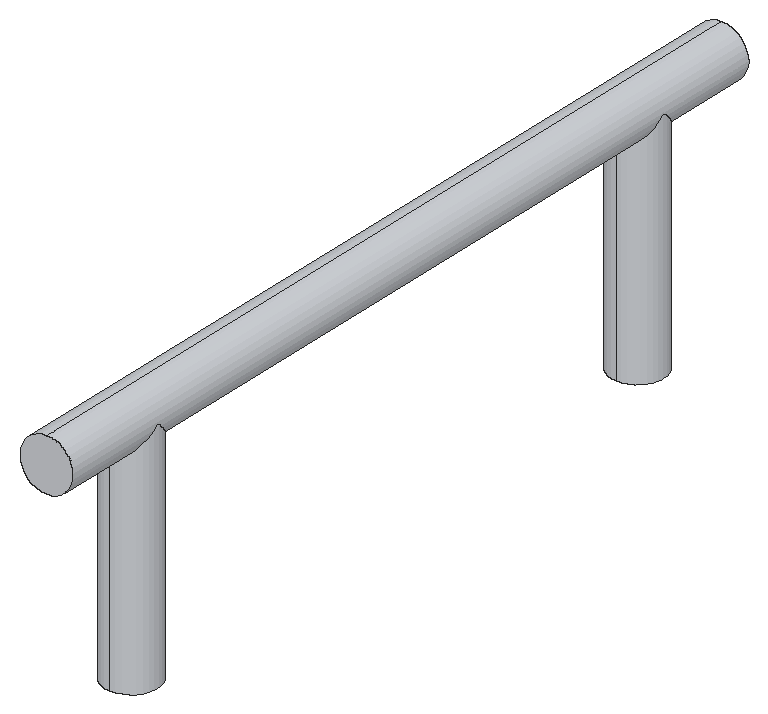
Revit family "Cab_Handle", category Casework, Revit 2019
Family settings
  Work Plane-Based = Yes
  Always vertical = No
  Cut with Voids When Loaded = No
  Shared = Yes
  Room Calculation Point = No
Parameters
  oWctrl = 0' - 0"
  oW = 0' - 0"
  oHctrl = 0' - 0"
  oH = 0' - 8"
  oDctrl = 0' - 0"
  oD = 0' - 2 1/2"
  Default Elevation = 4' - 0"
Reference planes (in)
  plane 1 "Center (Front/Back)": y = 0
  plane 2: z = 0
  plane 3 "Center (Left/Right)": x = 0
  plane 4: y = -4
  plane 5: y = 4
  plane 6: z = 2.5
  plane 7: z = 2.25
  plane 8: z = 0
  plane 9: z = 2.25
  plane 10: z = 0
Forms (in)
  Sweep 1, solid
    path origin (0, 0, 0) x (0, 1, 0) y (0, 0, 1)
      loop
        line (-4, 2.25) -> (4, 2.25)
    profile origin (0, 0, 2.25) x (0, 0, 1) y (1, 0, 0)
      loop
        circle (0, 0) r 0.25
  Sweep 2, solid
    path origin (0, 0, 0) x (0, 1, 0) y (0, 0, 1)
      loop
        line (-3, 0) -> (-3, 2.25)
    profile origin (0, -3, 1.125) x (0, -1, 0) y (1, 0, 0)
      loop
        circle (0, 0) r 0.25
  Sweep 3, solid
    path origin (0, 6, 0) x (0, 1, 0) y (0, 0, 1)
      loop
        line (-3, 0) -> (-3, 2.25)
    profile origin (0, 3, 1.125) x (0, -1, 0) y (1, 0, 0)
      loop
        circle (0, 0) r 0.25
Cuts and joins
  joined: Sweep 1, Sweep 2, Sweep 3
Dimensions and locks (in)
  equal spacing: plane 4, plane 1 "Center (Front/Back)", plane 5
  "oH": plane 4 to plane 5
  "oD": plane 6 to level
  plane 6 to Sweep 1 sketch curve = 0' - 0 1/4"
  locked: plane 4 to Sweep 2 sketch curve at 1
  locked: plane 6 to plane 9 at 0.25
  locked: Sweep 3 sketch curve to plane 5 at 1
  aligned and locked: plane 2 to level
  aligned and locked: plane 4 to Sweep 1 sketch curve
  aligned and locked: plane 5 to Sweep 1 sketch curve
  aligned and locked: plane 7 to Sweep 2 sketch curve
  aligned and locked: plane 8 to Sweep 2 sketch curve
  aligned and locked: level to plane 8
  aligned and locked: plane 9 to Sweep 3 sketch curve
  aligned and locked: plane 10 to Sweep 3 sketch curve
  aligned and locked: level to plane 10
Automatic sketch dimensions
  Sweep 1 sketch curve to plane 3 "Center (Left/Right)" = 0' - 0"
  Sweep 1 sketch curve to profile plane = 0' - 0"
  Sweep 2 sketch curve to plane 3 "Center (Left/Right)" = 0' - 0"
  Sweep 2 sketch curve to profile plane = 0' - 0"
  Sweep 3 sketch curve to plane 3 "Center (Left/Right)" = 0' - 0"
  Sweep 3 sketch curve to profile plane = 0' - 0"
  radius of Sweep 1 sketch curve = 0' - 0 1/4"
  radius of Sweep 2 sketch curve = 0' - 0 1/4"
  radius of Sweep 3 sketch curve = 0' - 0 1/4"
